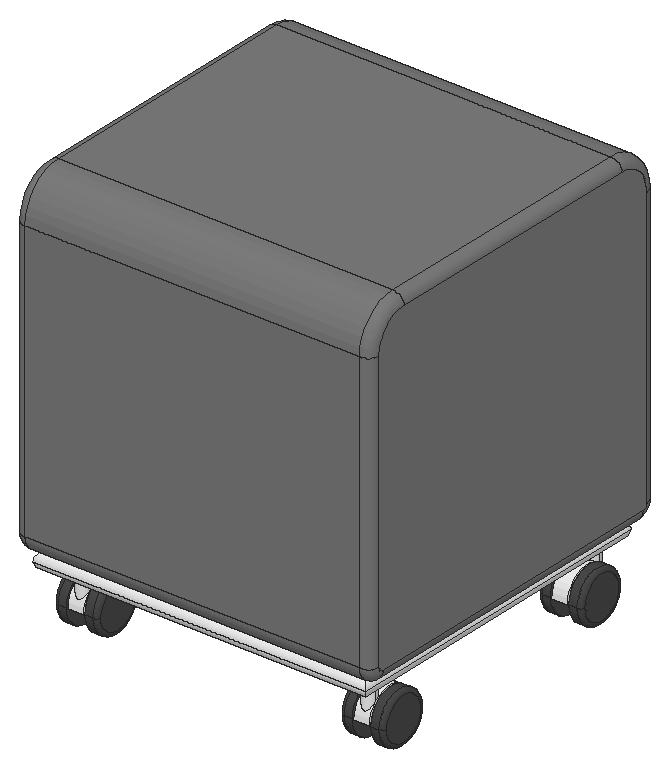
Revit family "Stool-Soft_Seating-Allermuir-Pause-Mobile-Low-PSS042L", category Furniture, Revit 2012
Parameters (values of type "PSS042L")
  ecoScorecard_data = "http://thesenatorgroup.ecoscorecard.com/product/PSS042L"
  ecoScorecard Product Page = "http://products.ecoscorecard.com/allermuir/PSS042L?action=html"
  Wheel Base = Metal - Allermuir - Silver
  Wheel = Plastic - Allermuir - Black
  Weight = 15.0 lbf
  URL = "http://www.allermuir.net/Default.aspx"
  Subcategory = "Soft Seating"  # constant formula
  Stacks = no
  Specifications URL = "http://www.allermuir.net/Services/File.ashx?Id=4477"
  Seat Material = Fabric - Allermuir - Silcoates
  Product Page URL = "http://www.allermuir.net/Products.aspx?RangeId=83"
  Product Line = "Pause"  # constant formula
  Pricing URL = "http://www.allermuir.net/Services/File.ashx?Id=4322"
  Plugin Data URL = "http://products.ecoscorecard.com/thesenatorgroup/PSS042L"
  Overall Width = 1' - 4.53543"
  Overall Height = 1' - 7.29031"
  Overall Depth = 1' - 4.53543"
  Model = "PSS042L"  # constant formula
  Manufacturer Phone - Toll Free = "(888) 887 5806"  # constant formula
  Manufacturer Phone = "(419) 887 5806"  # constant formula
  Manufacturer Fax = "(419) 887 5805"  # constant formula
  Manufacturer Email = "mailto:contact@allermuir-na.com"
  Manufacturer Address = "1630 Holland Road, Maumee, Ohio 43537 "  # constant formula
  Manufacturer = "Allermuir"  # constant formula
  Leg Material = Metal - Allermuir - Silver
  LEED Stats URL = "http://www.allermuir.net/Services/File.ashx?Id=4423"
  Fabric Spec Sheets = "http://www.allermuir.net/Services/File.ashx?Type=B&Id=51"
  Description = ""
  Color Availability = "See price list for material options"  # constant formula
  CAD Blocks URL = "http://www.allermuir.net/Services/File.ashx?Id=4531"
  Brochure URL = "http://www.allermuir.net/Services/File.ashx?Id=4353"
  Assembly Code = "E2020200"
  95 CSI = "12510"  # constant formula
  04 CSI = "12 51 00"  # constant formula
Reference planes (in)
  plane 1 "Center Front/Back": y = 0
  plane 2: z = 0
  plane 3 "Center Left/Right": x = 0
  plane 4: y = 8.2677169
  plane 5: y = -8.2677169
  plane 6: x = -8.2677162
  plane 7: x = 8.2677162
  plane 8: z = 19.2903092
Dimensions and locks (in)
  equal spacing: plane 5, plane 1 "Center Front/Back", plane 4
  "Overall Depth": plane 5 to plane 4
  equal spacing: plane 6, plane 3 "Center Left/Right", plane 7
  "Overall Width": plane 6 to plane 7
  "Overall Height": plane 8 to level
  aligned and locked: plane 3 "Center Left/Right" to nested 1
  aligned and locked: plane 1 "Center Front/Back" to nested 1
Nested families (in)
  nested 1: "PSS042L" at (0, 0, 0), type "PSS042L"
Definition of nested family "PSS042L"
  Parameters (values of type "PSS042L")
    Wheel Base = Metal - Allermuir - Upholstery - Stainless - Brushed
    Wheel = Plastic - Allermuir - Black
    Seat Material = Fabric - Allermuir - Silcoates
    Leg Material = Metal - Allermuir - Upholstery - Stainless - Brushed
  Reference planes (in)
    plane 1 "Center Front/Back": y = 0
    plane 2: z = 0
    plane 3 "Center Left/Right": x = 0
    plane 4: x = 8.2677162
    plane 5: x = -8.2677162
    plane 6: y = 8.2677169
    plane 7: y = -8.2677169
    plane 8: z = 19.2903092
    plane 9: z = 2.8765363
  Forms (in)
    Extrusion 1, solid, material "Fabric - Allermuir - Silcoates" <- "Seat Material"
      sketch origin (0, 0, 0) x (0, 1, 0) y (0, 0, 1)
        loop
          line (8.2677169, 4.3964804) -> (8.2677169, 17.3528092)
          arc (8.2677169, 17.3528092) -> (7.7002363, 18.7228286) -> (6.3302169, 19.2903092) r 1.9375
          line (6.3302169, 19.2903092) -> (-6.331467, 19.2903092)
          arc (-6.331467, 19.2903092) -> (-7.7006024, 18.7231947) -> (-8.2677169, 17.3540593) r 1.9362499
          line (-8.2677169, 17.3540593) -> (-8.2677169, 4.3957)
          arc (-8.2677169, 4.3957) -> (-8.0537675, 3.8791806) -> (-7.5372481, 3.6652313) r 0.7304688
          line (-7.5372481, 3.6652313) -> (7.5364678, 3.6652313)
          arc (7.5364678, 3.6652313) -> (8.053539, 3.8794092) -> (8.2677169, 4.3964804) r 0.7312491
      from -8.2677162 to 8.2677162
    Sweep 2, solid, material "Metal - Allermuir - Upholstery - Stainless - Brushed" <- "Leg Material"
      path origin (0, 0, 0) x (1, 0, 0) y (0, 1, 0)
        loop
          line (-7.8740168, 7.6771648) -> (-7.8740168, -7.6771657) -> (7.5984239, -7.6771657) -> (7.5984239, 7.6771648) -> (-7.8740168, 7.6771648)
      profile origin (-0.1377964, 7.6771648, 0) x (0, 1, 0) y (0, 0, 1)
        loop
          circle (-0.3937004, 3.0922106) r 0.3937004
    Sweep 3, void
      path in 3D
        loop
          arc (-8.2677162, 6.3302169, 19.2903092) -> (-8.2677162, 7.7002363, 18.7228286) -> (-8.2677162, 8.2677169, 17.3528092) r 1.9375
          line (-8.2677162, 8.2677169, 17.3528092) -> (-8.2677162, 8.2677169, 4.3964804)
          arc (-8.2677162, 8.2677169, 4.3964804) -> (-8.2677162, 8.053539, 3.8794092) -> (-8.2677162, 7.5364678, 3.6652313) r 0.7312491
          line (-8.2677162, 7.5364678, 3.6652313) -> (-8.2677162, -7.5372481, 3.6652313)
          arc (-8.2677162, -7.5372481, 3.6652313) -> (-8.2677162, -8.0537675, 3.8791806) -> (-8.2677162, -8.2677169, 4.3957) r 0.7304688
          line (-8.2677162, -8.2677169, 4.3957) -> (-8.2677162, -8.2677169, 17.3540593)
          arc (-8.2677162, -8.2677169, 17.3540593) -> (-8.2677162, -7.7006024, 18.7231947) -> (-8.2677162, -6.331467, 19.2903092) r 1.9362499
          line (-8.2677162, -6.331467, 19.2903092) -> (-8.2677162, 6.3302169, 19.2903092)
      profile origin (-8.2677162, -0.0006251, 19.2903092) x (-1, 0, 0) y (0, 0, 1)
        loop
          line (0, 0) -> (-0.5, 0)
          arc (-0.5, 0) -> (-0.1464466, -0.1464466) -> (0, -0.5) r 0.5
          line (0, -0.5) -> (0, 0)
    Sweep 4, void
      path in 3D
        loop
          arc (8.2677162, 6.3302169, 19.2903092) -> (8.2677162, 7.7002363, 18.7228286) -> (8.2677162, 8.2677169, 17.3528092) r 1.9375
          line (8.2677162, 8.2677169, 17.3528092) -> (8.2677162, 8.2677169, 4.3964804)
          arc (8.2677162, 8.2677169, 4.3964804) -> (8.2677162, 8.053539, 3.8794092) -> (8.2677162, 7.5364678, 3.6652313) r 0.7312491
          line (8.2677162, 7.5364678, 3.6652313) -> (8.2677162, -7.5372481, 3.6652313)
          arc (8.2677162, -7.5372481, 3.6652313) -> (8.2677162, -8.0537675, 3.8791806) -> (8.2677162, -8.2677169, 4.3957) r 0.7304688
          line (8.2677162, -8.2677169, 4.3957) -> (8.2677162, -8.2677169, 17.3540593)
          arc (8.2677162, -8.2677169, 17.3540593) -> (8.2677162, -7.7006024, 18.7231947) -> (8.2677162, -6.331467, 19.2903092) r 1.9362499
          line (8.2677162, -6.331467, 19.2903092) -> (8.2677162, 6.3302169, 19.2903092)
      profile origin (8.2677162, -0.0006251, 19.2903092) x (-1, 0, 0) y (0, 0, 1)
        loop
          line (0, 0) -> (0, -0.5)
          arc (0, -0.5) -> (0.1464466, -0.1464466) -> (0.5, 0) r 0.5
          line (0.5, 0) -> (0, 0)
    Extrusion 5, solid, material "Metal - Allermuir - Upholstery - Stainless - Brushed" <- "Wheel Base"
      sketch origin (0, 0, 0) x (1, 0, 0) y (0, 1, 0)
        loop
          line (-7.2031106, 4.3714177) -> (-4.3635437, 7.2109846) -> (-6.980394, 7.2109846) -> (-7.2031106, 6.9882681) -> (-7.2031106, 4.3714177)
      from 3.492126 to 3.6614173
    Extrusion 6, solid, material "Metal - Allermuir - Upholstery - Stainless - Brushed" <- "Wheel Base"
      sketch origin (0.3024796, 0, 0) x (-1, 0, 0) y (0, -1, 0)
        loop
          line (-7.2031106, -4.3714177) -> (-7.2031106, -6.9882681) -> (-6.980394, -7.2109846) -> (-4.3635437, -7.2109846) -> (-7.2031106, -4.3714177)
      from 3.492126 to 3.6614173
    Extrusion 7, solid, material "Metal - Allermuir - Upholstery - Stainless - Brushed" <- "Wheel Base"
      sketch origin (0, 0, 0) x (1, 0, 0) y (0, 1, 0)
        loop
          line (-7.2031106, -4.3714177) -> (-7.2031106, -6.9882681) -> (-6.980394, -7.2109846) -> (-4.3635437, -7.2109846) -> (-7.2031106, -4.3714177)
      from 3.492126 to 3.6614173
    Extrusion 8, solid, material "Metal - Allermuir - Upholstery - Stainless - Brushed" <- "Wheel Base"
      sketch origin (0.3024796, 0, 0) x (-1, 0, 0) y (0, -1, 0)
        loop
          line (-7.2031106, 4.3714177) -> (-4.3635437, 7.2109846) -> (-6.980394, 7.2109846) -> (-7.2031106, 6.9882681) -> (-7.2031106, 4.3714177)
      from 3.492126 to 3.6614173
  Cuts and joins
    Sweep 3, Sweep 4 cuts Extrusion 1
  Lines and regions (in)
    sketch lines
      curve 1: line (-8.2677162, -6.331467, 19.2903092) -> (-8.2677162, 6.3302169, 19.2903092)
      curve 2: arc (-8.2677162, 8.2677169, 17.3528092) -> (-8.2677162, 7.7002363, 18.7228286) -> (-8.2677162, 6.3302169, 19.2903092) r 1.9375
      curve 3: line (-8.2677162, 8.2677169, 17.3528092) -> (-8.2677162, 8.2677169, 4.3964804)
      curve 4: arc (-8.2677162, -6.331467, 19.2903092) -> (-8.2677162, -7.7006024, 18.7231947) -> (-8.2677162, -8.2677169, 17.3540593) r 1.9362499
      curve 5: line (-8.2677162, -8.2677169, 4.3957) -> (-8.2677162, -8.2677169, 17.3540593)
      curve 6: line (8.2677162, -6.331467, 19.2903092) -> (8.2677162, 6.3302169, 19.2903092)
      curve 7: arc (8.2677162, 8.2677169, 17.3528092) -> (8.2677162, 7.7002363, 18.7228286) -> (8.2677162, 6.3302169, 19.2903092) r 1.9375
      curve 8: line (8.2677162, 8.2677169, 17.3528092) -> (8.2677162, 8.2677169, 4.3964804)
      curve 9: arc (8.2677162, -6.331467, 19.2903092) -> (8.2677162, -7.7006024, 18.7231947) -> (8.2677162, -8.2677169, 17.3540593) r 1.9362499
      curve 10: line (8.2677162, -8.2677169, 4.3957) -> (8.2677162, -8.2677169, 17.3540593)
      curve 11: arc (-8.2677162, 7.5364678, 3.6652313) -> (-8.2677162, 8.053539, 3.8794092) -> (-8.2677162, 8.2677169, 4.3964804) r 0.7312491
      curve 12: line (-8.2677162, 7.5364678, 3.6652313) -> (-8.2677162, -7.5372481, 3.6652313)
      curve 13: arc (-8.2677162, -8.2677169, 4.3957) -> (-8.2677162, -8.0537675, 3.8791806) -> (-8.2677162, -7.5372481, 3.6652313) r 0.7304688
      curve 14: arc (8.2677162, -7.5372481, 3.6652313) -> (8.2677162, -8.0537675, 3.8791806) -> (8.2677162, -8.2677169, 4.3957) r 0.7304688
      curve 15: line (8.2677162, -7.5372481, 3.6652313) -> (8.2677162, 7.5364678, 3.6652313)
      curve 16: arc (8.2677162, 8.2677169, 4.3964804) -> (8.2677162, 8.053539, 3.8794092) -> (8.2677162, 7.5364678, 3.6652313) r 0.7312491
    symbolic lines, style "Table"
      curve 17: line (-7.7687209, 8.2698577, 0) -> (7.7655009, 8.2698577, 0)
      curve 18: line (8.2655009, -7.7664533, 0) -> (8.2655009, 7.7698577, 0)
      curve 19: line (7.7655009, -8.2664533, 0) -> (-7.7687209, -8.2664533, 0)
      curve 20: line (-8.2687209, -7.7664533, 0) -> (-8.2687209, 7.7698577, 0)
      curve 21: arc (-7.7687209, 8.2698577, 0) -> (-8.1222743, 8.1234111, 0) -> (-8.2687209, 7.7698577, 0) r 0.5
      curve 22: arc (7.7655009, 8.2698577, 0) -> (8.1190543, 8.1234111, 0) -> (8.2655009, 7.7698577, 0) r 0.5
      curve 23: arc (7.7655009, -8.2664533, 0) -> (8.1190543, -8.1200067, 0) -> (8.2655009, -7.7664533, 0) r 0.5
      curve 24: arc (-8.2687209, -7.7664533, 0) -> (-8.1222743, -8.1200067, 0) -> (-7.7687209, -8.2664533, 0) r 0.5
  Dimensions and locks (in)
    aligned and locked: Extrusion 1 to plane 5
    aligned and locked: Extrusion 1 to plane 4
  Nested families (in)
    nested 1: "Wheel" at (-6.4792917, 6.4470375, 0) x (-1, 0, 0) z (0, 0, 1), type "Wheel"
    nested 2: "Wheel" at (-6.4792917, -6.4470375, 0) x (-1, 0, 0) z (0, 0, 1), type "Wheel"
    nested 3: "Wheel" at (6.7800729, 6.4743813, 0), type "Wheel"
    nested 4: "Wheel" at (6.7800729, -6.4196938, 0), type "Wheel"
  Definition of nested family "Wheel"
    Parameters (values of type "Wheel")
      Wheel = Plastic - Allermuir - Black
      Base = Metal - Allermuir - Upholstery - Stainless - Brushed
    Reference planes (in)
      plane 1 "Center (Front/Back)": y = 0
      plane 2: z = 0
      plane 3 "Center (Left/Right)": x = 0
    Forms (in)
      Extrusion 1, solid, material "Plastic - Allermuir - Black" <- "Wheel"
        sketch origin (5.0405122, -5.0442913, 0.0187268) x (0, 1, 0) y (0, 0, -1)
          loop
            circle (5.7401578, -1.1647795) r 1.1811024
        from 5.4747641 to 6.0434649
      Sweep 2, void
        path in 3D
          loop
            arc (-1.0029528, -0.4852359, 1.1835063) -> (-1.0029528, 0.6958665, 0.0024039) -> (-1.0029528, 1.8769689, 1.1835063) r 1.1811024
            arc (-1.0029528, 1.8769689, 1.1835063) -> (-1.0029528, 0.6958665, 2.3646086) -> (-1.0029528, -0.4852359, 1.1835063) r 1.1811024
        profile origin (-1.0029528, 0.6958665, 2.3646086) x (0, 0, 1) y (-1, 0, 0)
          loop
            line (0, -0.2007874) -> (0, 0) -> (-0.2007874, 0)
            arc (-0.2007874, 0) -> (-0.0588093, -0.0588093) -> (0, -0.2007874) r 0.2007874
      Extrusion 3, solid, material "Plastic - Allermuir - Black" <- "Wheel"
        sketch origin (-5.0405122, -5.0442913, 0.0187268) x (0, 1, 0) y (0, 0, 1)
          loop
            circle (5.7401578, 1.1647795) r 1.1811024
        from 5.4747641 to 6.0434649
      Sweep 4, void
        path in 3D
          loop
            arc (1.0029528, -0.4852359, 1.1835063) -> (1.0029528, 0.6958665, 0.0024039) -> (1.0029528, 1.8769689, 1.1835063) r 1.1811024
            arc (1.0029528, 1.8769689, 1.1835063) -> (1.0029528, 0.6958665, 2.3646086) -> (1.0029528, -0.4852359, 1.1835063) r 1.1811024
        profile origin (1.0029528, 0.6958665, 2.3646086) x (0, 0, -1) y (1, 0, 0)
          loop
            arc (0, -0.2007874) -> (0.0588093, -0.0588093) -> (0.2007874, 0) r 0.2007874
            line (0.2007874, 0) -> (0, 0) -> (0, -0.2007874)
      Extrusion 5, solid, material "Metal - Allermuir - Upholstery - Stainless - Brushed" <- "Base"
        sketch origin (0, 0, 0) x (0, 1, 0) y (0, 0, 1)
          loop
            line (-0.4803346, 1.1647795) -> (-0.4409646, 1.1647795)
            arc (-0.4409646, 1.1647795) -> (0.6981693, 2.3039134) -> (1.8373031, 1.1647795) r 1.1391339
            line (1.8373031, 1.1647795) -> (1.8766732, 1.1647795)
            arc (1.8766732, 1.1647795) -> (0.6981693, 2.3432835) -> (-0.4803346, 1.1647795) r 1.1785039
        from -0.3636332 to 0.3525542
      Extrusion 6, solid, material "Metal - Allermuir - Upholstery - Stainless - Brushed" <- "Base"
        sketch origin (0, 0, 0) x (1, 0, 0) y (0, 1, 0)
          loop
            circle (-0.0031496, -0.0498228) r 0.321084
        from 1.3562228 to 3.492126
    Cuts and joins
      Sweep 2, Sweep 4 cuts Extrusion 1
      Sweep 4 cuts Extrusion 3
    Lines and regions (in)
      sketch lines
        curve 1: arc (-1.0029528, 1.8769689, 1.1835063) -> (-1.0029528, 0.6958665, 2.3646086) -> (-1.0029528, -0.4852359, 1.1835063) r 1.1811024
        curve 2: arc (-1.0029528, -0.4852359, 1.1835063) -> (-1.0029528, 0.6958665, 0.0024039) -> (-1.0029528, 1.8769689, 1.1835063) r 1.1811024
        curve 3: arc (1.0029528, 1.8769689, 1.1835063) -> (1.0029528, 0.6958665, 2.3646086) -> (1.0029528, -0.4852359, 1.1835063) r 1.1811024
        curve 4: arc (1.0029528, -0.4852359, 1.1835063) -> (1.0029528, 0.6958665, 0.0024039) -> (1.0029528, 1.8769689, 1.1835063) r 1.1811024
    Dimensions and locks (in)
      aligned and locked: level to plane 2
